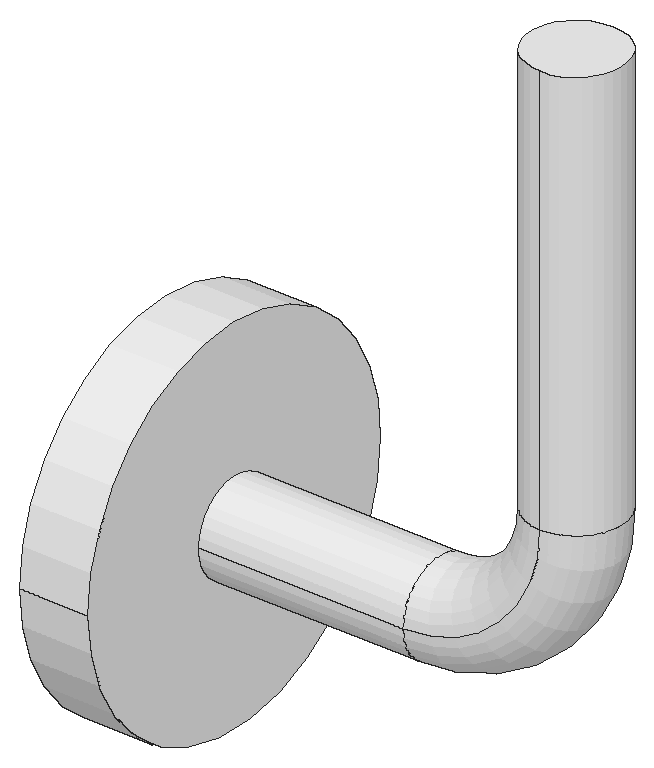
Revit family
Parameters (values of type "Handrail - Bracket")
  built-in parameter 1008623 [instance] = 38.00°
  built-in parameter 1008625 [instance] = (empty or 0)
  Post = no
  built-in parameter 1008624 [instance] = 38.00°
  Baluster Material = Metal - Stainless Steel
  built-in parameter 1008622 [instance] = 900 mm
  Assembly Code = ""
Reference planes
  plane 1 "Center (Front/Back)": y = 0
  plane 2: z = 0
  plane 3 "Top": z = 900
  plane 4 "Top Cut Angle": through (0, 436.633, 558.865) normal (0, -0.6157, -0.788)
  plane 5 "Bottom Cut Angle": through (0, 0, 0) normal (0, -0.6157, -0.788)
  plane 6: z = 880.95
  plane 7: x = -57.15
  plane 8: z = 823.8
  plane 9: z = 804.75
  plane 10: z = 1052.4
  plane 11: y = 153.029
  plane 12: y = -152.02
  plane 13: x = 0
  plane 14: x = -47.625
  plane 15: x = 25.4
Forms (mm)
  Extrusion 1, solid, material "Metal - Stainless Steel" <- "Baluster Material", detail levels medium+fine
    sketch origin (0, 0, 0) x (0, 1, 0) y (0, 0, 1)
      loop
        circle (0, 804.75) r 25.4
    from -57.15 to -47.625
  Sweep 2, solid, material "Metal - Stainless Steel" <- "Baluster Material", detail levels medium+fine
    path origin (-175.107, 0, 5.016) x (1, 0, 0) y (0, 0, 1)
      loop
        line (175.107, 875.934) -> (175.107, 818.784)
        arc (175.107, 818.784) -> (169.527, 805.313) -> (156.057, 799.734) r 19.05
        line (156.057, 799.734) -> (127.482, 799.734)
    profile origin (0, 0, 852.375) x (0, -1, 0) y (1, 0, 0)
      loop
        circle (0, 0) r 6.35
Text (mm)
  text "Baluster Elevation" at (0, 1437.503, 1234.25), in view "Left"
Dimensions and locks
  "built-in parameter 1008622": plane 2 to plane 3 "Top"
  locked: plane 3 "Top" to plane 6 at 19.05
  plane 9 to plane 8 to plane 3 "Top" = 19.05 mm locked, 76.2 mm locked
  locked: plane 3 "Top" to plane 10 at 152.4
  locked: plane 7 to plane 13 at 57.15
  locked: plane 7 to plane 14 at 9.525
  "built-in parameter 1008623": angle plane 3 "Top" to plane 4 "Top Cut Angle"
  "built-in parameter 1008624": angle level to plane 5 "Bottom Cut Angle"
  aligned and locked: plane 9 to Sweep 2 sketch curve
  aligned and locked: plane 7 to Extrusion 1
  aligned and locked: plane 13 to Sweep 2 sketch curve
  aligned and locked: plane 6 to Sweep 2 sketch curve
Automatic sketch dimensions
  Extrusion 1 sketch curve to plane 1 "Center (Front/Back)" = 0 mm
  Extrusion 1 sketch curve to plane 9 = 0 mm
  Sweep 2 sketch curve to plane 1 "Center (Front/Back)" = 0 mm
  Sweep 2 sketch curve to profile plane = 0 mm
  Sweep 2 sketch curve to plane 14 = 0 mm
  Sweep 2 sketch curve to plane 8 = 0 mm
  radius of Extrusion 1 sketch curve = 25.4 mm
  radius of Sweep 2 sketch curve = 6.35 mm
